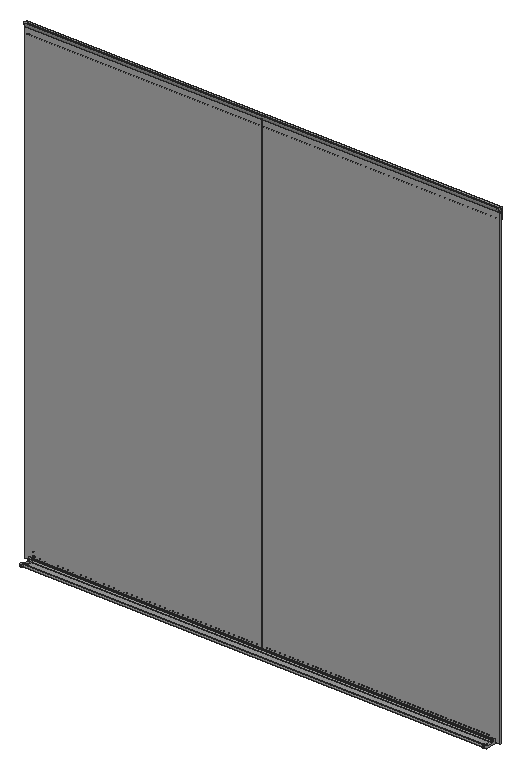
Revit family "Fluent Glass Wall 8x8", category Generic Models, Revit 2018
Family settings
  Can host rebar = No
  Round Connector Dimension = Use Diameter
  Part Type = Normal
  Work Plane-Based = No
  Always vertical = Yes
  Cut with Voids When Loaded = No
  Shared = No
  Room Calculation Point = No
Parameters
  Panel #2 = Fluent Glass Wall 8x8 Panel #2
  Panel #1 = Fluent Glass Wall 8x8 Panel #1
Reference planes (in)
  plane 1 "Center (Front/Back)": y = 0
  plane 2: z = 0
  plane 3 "Center (Left/Right)": x = 0
Forms (in)
  Extrusion 1, solid, material "Fluent Glass Wall Trim Metal"
    sketch origin (0, 0, -11.96875) x (0, 1, 0) y (0, 0, 1)
      loop
        line (-0.28802, 12.71551) -> (-0.28802, 12.22363) -> (-0.48802, 12.22363) -> (-0.48802, 12.77363) -> (-0.60087, 12.77363)
        arc (-0.60087, 12.77363) -> (-0.62209, 12.76485) -> (-0.63087, 12.74363) r 0.03
        line (-0.63087, 12.74363) -> (-0.63087, 12.45418)
        arc (-0.63087, 12.45418) -> (-0.67788, 12.32564) -> (-0.79672, 12.25776) r 0.19924
        arc (-0.79672, 12.25776) -> (-0.86084, 12.24904) -> (-0.92548, 12.24613) r 0.7187
        line (-0.92548, 12.24613) -> (-1.97548, 12.24613)
        arc (-1.97548, 12.24613) -> (-2.26159, 12.30205) -> (-2.50559, 12.4616) r 0.75985
        arc (-2.50559, 12.4616) -> (-2.80704, 12.55283) -> (-2.79142, 12.23827) r 0.19261
        arc (-2.79142, 12.23827) -> (-2.48945, 12.06146) -> (-2.14496, 12) r 0.99607
        line (-2.14496, 12) -> (0, 12) -> (0, 12.30193)
        arc (0, 12.30193) -> (-0.0275, 12.32943) -> (-0.055, 12.30193) r 0.0275
        line (-0.055, 12.30193) -> (-0.055, 12.20843) -> (-0.20802, 12.20843) -> (-0.20802, 12.69439) -> (-0.0848, 12.81762)
        arc (-0.0848, 12.81762) -> (-0.06815, 12.82253) -> (-0.055, 12.81121) r 0.01814
        line (-0.055, 12.81121) -> (-0.055, 12.65693)
        arc (-0.055, 12.65693) -> (-0.0275, 12.62943) -> (0, 12.65693) r 0.0275
        line (0, 12.65693) -> (0, 13.70847)
        arc (0, 13.70847) -> (-0.03996, 13.74843) -> (-0.07993, 13.70847) r 0.03996
        line (-0.07993, 13.70847) -> (-0.07993, 13.62094)
        arc (-0.07993, 13.62094) -> (-0.07047, 13.60109) -> (-0.05, 13.59302) r 0.03
        line (-0.05, 13.59302) -> (-0.05, 13.15338)
        arc (-0.05, 13.15338) -> (-0.07121, 13.14459) -> (-0.08, 13.12338) r 0.03
        line (-0.08, 13.12338) -> (-0.08, 12.92353) -> (-0.28802, 12.71551)
    from -46.26181 to 46.26181
  Extrusion 2, solid, material "Fluent Glass Wall Trim Metal"
    sketch origin (0, 0, 12.64022) x (0, 1, 0) y (0, 0, 1)
      loop
        line (0, 83.35978) -> (-0.645, 83.35978)
        arc (-0.645, 83.35978) -> (-0.73852, 83.31739) -> (-0.76829, 83.21911) r 0.12436
        arc (-0.76829, 83.21911) -> (-0.57148, 82.66433) -> (-0.166, 82.23759) r 1.41542
        line (-0.166, 82.23759) -> (-0.166, 82.19574)
        arc (-0.166, 82.19574) -> (-0.16235, 82.17737) -> (-0.15194, 82.1618) r 0.048
        line (-0.15194, 82.1618) -> (-0.1, 82.10985) -> (-0.1, 81.00078)
        arc (-0.1, 81.00078) -> (-0.05, 80.95078) -> (0, 81.00078) r 0.05
        line (0, 81.00078) -> (0, 83.35978)
    from -47.24409 to 47.24409
  Extrusion 3, solid, material "Fluent Glass Wall 8x8 Panel #2" <- "Panel #2"
    sketch origin (0, 0, 0) x (0, 1, 0) y (0, 0, 1)
      loop
        line (-0.48802, 0.25488) -> (-0.28802, 0.25488) -> (-0.28802, 95.73) -> (-0.48802, 95.73) -> (-0.48802, 0.25488)
    from 0 to 47.24409
  Extrusion 4, solid, material "Fluent Glass Wall 8x8 Panel #1" <- "Panel #1"
    sketch origin (0, 0, 0) x (0, 1, 0) y (0, 0, -1)
      loop
        line (-0.48802, -0.25488) -> (-0.48802, -95.73) -> (-0.28802, -95.73) -> (-0.28802, -0.25488) -> (-0.48802, -0.25488)
    from 0 to 47.24409
  Extrusion 5, solid, material "Fluent Glass Wall Trim Black"
    sketch origin (0, 0, -11.96875) x (0, 1, 0) y (0, 0, 1)
      loop
        line (-0.48802, 12.80488) -> (-0.60087, 12.80488)
        arc (-0.60087, 12.80488) -> (-0.64418, 12.78694) -> (-0.66212, 12.74363) r 0.06125
        line (-0.66212, 12.74363) -> (-0.66212, 12.45418)
        arc (-0.66212, 12.45418) -> (-0.70181, 12.34573) -> (-0.80213, 12.28853) r 0.16799
        arc (-0.80213, 12.28853) -> (-0.86355, 12.28017) -> (-0.92548, 12.27738) r 0.68745
        line (-0.92548, 12.27738) -> (-1.97548, 12.27738)
        arc (-1.97548, 12.27738) -> (-2.24646, 12.32965) -> (-2.47857, 12.47895) r 0.7286
        arc (-2.47857, 12.47895) -> (-2.82851, 12.57569) -> (-2.81005, 12.2131) r 0.22386
        arc (-2.81005, 12.2131) -> (-2.49924, 12.03177) -> (-2.14496, 11.96875) r 1.02732
        line (-2.14496, 11.96875) -> (-0.48802, 11.96875) -> (-0.48802, 12.80488)
    from 45.75863 to 46.29027
  Extrusion 6, solid, material "Fluent Glass Wall Trim Black"
    sketch origin (0, 0, -11.96875) x (0, 1, 0) y (0, 0, -1)
      loop
        line (-0.48802, -12.80488) -> (-0.48802, -11.96875) -> (-2.14496, -11.96875)
        arc (-2.14496, -11.96875) -> (-2.49924, -12.03177) -> (-2.81005, -12.2131) r 1.02732
        arc (-2.81005, -12.2131) -> (-2.82851, -12.57569) -> (-2.47857, -12.47895) r 0.22386
        arc (-2.47857, -12.47895) -> (-2.24646, -12.32965) -> (-1.97548, -12.27738) r 0.7286
        line (-1.97548, -12.27738) -> (-0.92548, -12.27738)
        arc (-0.92548, -12.27738) -> (-0.86355, -12.28017) -> (-0.80213, -12.28853) r 0.68745
        arc (-0.80213, -12.28853) -> (-0.70181, -12.34573) -> (-0.66212, -12.45418) r 0.16799
        line (-0.66212, -12.45418) -> (-0.66212, -12.74363)
        arc (-0.66212, -12.74363) -> (-0.64418, -12.78694) -> (-0.60087, -12.80488) r 0.06125
        line (-0.60087, -12.80488) -> (-0.48802, -12.80488)
    from 45.75863 to 46.29027
Dimensions and locks (in)
  aligned and locked: level to plane 2
